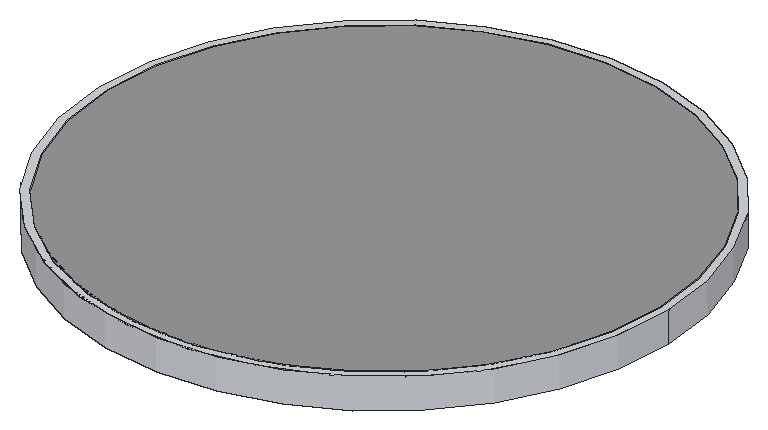
Revit family "2071285", category Lighting Fixtures, host Face, Revit 2018
Family settings
  Host = Face
  Round Connector Dimension = Use Diameter
  Part Type = Junction Box
  OmniClass Number = 23.80.70.00
  OmniClass Title = Lighting
  Cut with Voids When Loaded = No
  Light Source = Yes
  Shared = No
  Room Calculation Point = No
Parameters (values of type "2071285 COLOSSAL 1200 830 PR DIR WHT DALI")
  iner diameter = 1168 mm
  Weight = "n/a"
  Wattage Comments = ""
  Wattage = 30 W
  WarrantyStartDate [instance] = "n/a"
  WarrantyGuarantorParts = "n/a"
  WarrantyDurationUnit = "n/a"
  WarrantyDurationParts = ""
  WarrantyDescription = "http://www.sylvania-lighting.com"
  built-in parameter 1150110 = 1 (stored number, unit not read)
  Voltage = 230 V
  URL = "0.95"
  TypeName = "COLOSSAL 1200mm 830 PRISM DIR WHITE DALI"
  Type Image = <None>
  Type Comments = "n/a"
  built-in parameter 1114217 = 1 (stored number, unit not read)
  Tilt Angle = -90.00°
  built-in parameter 1150109 = 1 (stored number, unit not read)
  built-in parameter 1150134 = (empty or 0)
  built-in parameter 1150113 = 1 (stored number, unit not read)
  SerialNumber [instance] = "n/a"
  Photometric Web File = "2071285.ies"
  Material_3_SYL = LED-Sylvania
  PowerFactor = 0
  PowerConsumption = "Lighting"
  NominalLength = 1168 mm
  NominalHeight = 93 mm
  NominalDepth = 1168 mm
  Name = "COLOSSAL 1200mm 830 PRISM DIR WHITE DALI"
  ModelReference = Name  # "COLOSSAL 1200mm 830 PRISM DIR WHITE DALI"
  ModelNumber = "2071285"
  Model = Name  # "COLOSSAL 1200mm 830 PRISM DIR WHITE DALI"
  Material = "Feilo Sylvania"
  ManufacturerName = "134 lm/W"
  Manufacturer = ""
  LuminousEfficacy = ""
  built-in parameter 1150105 = 270.44 (stored number, unit not read)
  Lumens = 3398.4 lm
  LuminaireType = "0"
  built-in parameter 1150115 = 1 (stored number, unit not read)
  LightOutputRatio = "LED"
  built-in parameter 1150137 = (empty or 0)
  built-in parameter 1150139 = (empty or 0)
  LampsType = Lamp  # "n/a"
  LampNominalLuminous = "3000 K"
  LampMacAdamStep = "80"
  LampColourTemperature = "LED"
  LampColourRenderingIndex = "16500"
  built-in parameter 1150112 = 1 (stored number, unit not read)
  built-in parameter 1150114 = 1 (stored number, unit not read)
  Lamp = "n/a"
  Keynote = "n/a"
  InstallationDate [instance] = "n/a"
  InputVoltage = "0"
  InputNominalFrequency = "3000"
  built-in parameter 1150132 = (empty or 0)
  built-in parameter 1150102 = (empty or 0)
  built-in parameter 1150107 = 3000 (stored number, unit not read)
  built-in parameter 1150138 = (empty or 0)
  IngressProtection = "IfcLightFixtureType"
  ImpactProtectionIndex = "IfcLightFixtureType"
  built-in parameter 1150106 = 2.7044 (stored number, unit not read)
  IfcExportType = "IfcLightFixtureType"
  IfcExportAs = "Class I"
  Emit from Circle Diameter = 385 mm
  Emit Shape Visible in Rendering = no
  ElectricShockClassification = "134"
  built-in parameter 1150104 = 10.524 (stored number, unit not read)
  DocumentationLiterature = "http://www.sylvania-lighting.com/product/en-int/products/2071285"
  DimmingControlOptions = "n/a"
  Material_2_SYL = Polycarbonate_Sylvania_White
  Dimming Lamp Color Temperature Shift = <None>
  Description = "1200mm diameter circular architectural luminaire, can be surface mounted or suspended. Powder coated aluminium housing (RAL9016) with PMMA prismatic diffuser. Direct light distribution, 15735lm luminuous flux, 117.5W system power, 134lm/W luminiaire efficacy. DALI dimmable. Colour rendering index Ra >80, 3000K Warm White LED, chromaticity tolerance of 3-step MacAdam ellipse. IP40/IP20, IK03. 350mA drive current. UGR≤19. Electrical protection Class1, 220-240V. Reported lifetime 66k hours L90B10."
  Default Elevation = 1219.2 mm
  CreatedOn = "23/03/2022"
  CreatedBy = "@sylvania-lighting.com"
  Cost = 0
  Color Filter = 16777215
  built-in parameter 1114216 [instance] = (empty or 0)
  ClassificationValue = "EF_70_80"
  ClassificationName = "Uniclass2015"
  Material_1_SYL = Polycarbonate_Sylvania_Opal
  BarCode [instance] = "n/a"
  built-in parameter 1114218 = 1 (stored number, unit not read)
  built-in parameter 1150133 = 10 (stored number, unit not read)
  AssetType = "Fixed"
  AssetIdentifier [instance] = "n/a"
  Assembly Code = "D5020200"
  Apparent Load = 117.5 VA
  Material_4_SYL = none
Reference planes
  plane 1 "Center (Front/Back)": y = 0
  plane 2: z = 0
  plane 3 "Center (Left/Right)": x = 0
  plane 4: z = 1.161
  plane 5: z = 16.161
  plane 6: y = 584
  plane 7: y = -584
  plane 8: x = 85
  plane 9: x = -85
  plane 10: through (0, 0, 1219.2) normal (0.5, 0.866, 0)
  plane 11: through (42.5, 73.612, 1219.2) normal (0.5, 0.866, 0)
  plane 12: through (-42.5, -73.612, 1219.2) normal (0.5, 0.866, 0)
  plane 13: through (0, 0, 1219.2) normal (0.5, -0.866, 0)
  plane 14: through (-42.5, 73.612, 1219.2) normal (0.5, -0.866, 0)
  plane 15: through (42.5, -73.612, 1219.2) normal (0.5, -0.866, 0)
  plane 16: z = 93
  plane 17: y = 584
  plane 18: y = -584
  plane 19: y = -429
  plane 20: x = -584
  plane 21: x = 584
Forms (mm)
  Extrusion 1, solid, detail levels medium+fine
    sketch origin (0, 0, 0) x (0.866025, -0.5, 0) y (0.5, 0.866025, 0)
      loop
        circle (-50, 86.603) r 22
    from 0 to 2
  Extrusion 2, solid, detail levels medium+fine
    sketch origin (0, 0, 0) x (0.866025, -0.5, 0) y (0.5, 0.866025, 0)
      loop
        circle (100, 0) r 22
      loop
        circle (-50, -86.603) r 22
    from 0 to 2
  Extrusion 3, solid, detail levels medium+fine
    sketch origin (0, 0, 0) x (1, 0, 0) y (0, 1, 0)
      loop
        circle (0, 0) r 584
    from 30 to 93
  Extrusion 4, void
    sketch origin (0, 0, 0) x (1, 0, 0) y (0, 1, 0)
      loop
        circle (0, 0) r 568
    from 96.588 to 37.292
  Extrusion 5, solid, material "Glass, White, High Luminance", detail levels fine
    sketch origin (0, 0, 0) x (1, 0, 0) y (0, 1, 0)
      loop
        circle (0, 0) r 568
    from 88.022 to 93
  Extrusion 6, solid, detail levels coarse
    sketch origin (0, 0, 0) x (1, 0, 0) y (0, 1, 0)
      loop
        line (-584, 584) -> (-584, -584) -> (584, -584) -> (584, 584) -> (-584, 584)
    from 0 to 93
  Blend 7, solid, detail levels medium+fine
    base sketch origin (-10.814, 11.299, 29.922) x (1, 0, 0) y (0, 1, 0)
      loop
        line (-402.654, -330.622) -> (397.346, -330.622) -> (482.346, -183.398) -> (82.346, 509.423) -> (-87.654, 509.423) -> (-487.654, -183.398) -> (-402.654, -330.622)
    top sketch origin (-10.814, 11.299, 29.922) x (1, 0, 0) y (0, 1, 0)
      loop
        line (-363.391, -306.496) -> (364.632, -306.496) -> (449.632, -159.272) -> (87.132, 468.597) -> (-82.868, 468.597) -> (-445.368, -159.272) -> (-363.391, -306.496)
    from 0 to -30
Cuts and joins
  Extrusion 4 cuts Extrusion 1
  Extrusion 4 cuts Extrusion 2
  Extrusion 4 cuts Extrusion 3
Lines and regions (mm)
  model lines, detail levels medium+fine
    curve 1: circle (0, 0, 0) r 155 normal (0, 0, 1)
  reference lines
    curve 2: circle (0, 0, 0) r 489 normal (0, 0, 1)
    curve 3: circle (0, 0, 0) r 521 normal (0, 0, 1)
    curve 4: line (0, 0, 0) -> (606.218, -350, 0)
    curve 5: line (0, 0, 0) -> (0, 825, 0)
    curve 6: line (0, 0, 0) -> (-623.538, -360, 0)
    curve 7: line (639.013, -270.785, 0) -> (85, 49.075, 0)
    curve 8: line (563.718, -423.612, 0) -> (0, -98.15, 0)
    curve 9: line (85, 49.075, 0) -> (85, 825, 0)
    curve 10: line (-85, 49.075, 0) -> (-85, 825, 0)
    curve 11: line (-85, 49.075, 0) -> (-666.038, -286.388, 0)
    curve 12: line (-581.038, -433.612, 0) -> (0, -98.15, 0)
Dimensions and locks
  plane 4 to level = 1.161 mm
  locked: plane 5 to plane 4 at 15
  "NominalDepth": plane 6 to plane 7
  plane 6 to plane 1 "Center (Front/Back)" to plane 7 = 584 mm, 584 mm
  "NominalHeight": level to plane 16
  equal spacing: plane 17, plane 1 "Center (Front/Back)", plane 18
  "NominalLength": plane 20 to plane 21
  equal spacing: plane 20, plane 3 "Center (Left/Right)", plane 21
  aligned and locked: plane 2 to host face
  aligned and locked: level to host face
  aligned and locked: plane 6 to Extrusion 6
Automatic sketch dimensions
  host sketch curve to host sketch curve = 2438.4 mm  (x2)
  Extrusion 1 sketch curve to plane 3 "Center (Left/Right)" = 0 mm
  Extrusion 1 sketch curve to plane 1 "Center (Front/Back)" = 100 mm
  plane 1 "Center (Front/Back)" to Extrusion 2 sketch curve = 50 mm
  Extrusion 2 sketch curve to plane 3 "Center (Left/Right)" = 86.603 mm
  Extrusion 2 sketch curve to Extrusion 2 sketch curve = 150 mm
  Extrusion 2 sketch curve to Extrusion 2 sketch curve = 86.603 mm
  plane 1 "Center (Front/Back)" to curve 1 = 0 mm
  curve 1 to plane 3 "Center (Left/Right)" = 0 mm
  plane 1 "Center (Front/Back)" to Extrusion 3 sketch curve = 0 mm
  Extrusion 3 sketch curve to plane 3 "Center (Left/Right)" = 0 mm
  plane 1 "Center (Front/Back)" to Extrusion 4 sketch curve = 0 mm
  Extrusion 4 sketch curve to plane 3 "Center (Left/Right)" = 0 mm
  plane 1 "Center (Front/Back)" to Extrusion 5 sketch curve = 0 mm
  Extrusion 5 sketch curve to plane 3 "Center (Left/Right)" = 0 mm
  curve 2 to curve 3 = 0 mm  (x2)
  curve 11 to plane 14 = 0 mm
  curve 6 to plane 13 = 0 mm
  curve 12 to plane 15 = 0 mm
  curve 10 to plane 9 = 0 mm
  curve 12 to plane 3 "Center (Left/Right)" = 0 mm
  plane 1 "Center (Front/Back)" to curve 3 = 0 mm
  curve 3 to plane 3 "Center (Left/Right)" = 0 mm
  curve 7 to plane 8 = 0 mm
  curve 11 to plane 10 = 0 mm
  curve 12 to plane 19 = 4.612 mm
  plane 19 to curve 6 = 69 mm
  plane 19 to curve 11 = 142.612 mm
  plane 19 to curve 8 = 5.388 mm
  plane 19 to curve 4 = 79 mm
  plane 19 to curve 7 = 158.215 mm
  plane 6 to curve 5 = 241 mm
  curve 10 to curve 5 = 0 mm
  curve 5 to curve 9 = 0 mm
  plane 1 "Center (Front/Back)" to curve 6 = 0 mm
  curve 6 to plane 3 "Center (Left/Right)" = 0 mm
  Extrusion 6 sketch curve to plane 7 = 0 mm
  Extrusion 6 sketch curve to plane 6 = 0 mm
  Blend 7 sketch curve to plane 6 = 756.098 mm  (x2)
  Blend 7 sketch curve to Blend 7 sketch curve = 85 mm
  plane 3 "Center (Left/Right)" to Blend 7 sketch curve = 386.532 mm
  plane 8 to Blend 7 sketch curve = 386.532 mm
  Blend 7 sketch curve to plane 6 = 63.278 mm
  Blend 7 sketch curve to plane 6 = 731.972 mm  (x2)
  Blend 7 sketch curve to Blend 7 sketch curve = 81.977 mm
  plane 3 "Center (Left/Right)" to Blend 7 sketch curve = 353.818 mm
  plane 8 to Blend 7 sketch curve = 353.818 mm
  Blend 7 sketch curve to plane 6 = 104.104 mm
  plane 12 to curve 8 = 0 mm
  plane 19 to Blend 7 sketch curve = 109.677 mm
  plane 19 to Blend 7 sketch curve = 133.803 mm
  plane 8 to Extrusion 6 sketch curve = 499 mm
  Extrusion 6 sketch curve to plane 9 = 499 mm
  Blend 7 sketch curve to plane 8 = 13.468 mm
  Blend 7 sketch curve to plane 9 = 13.468 mm
  Blend 7 sketch curve to plane 9 = 328.468 mm
  Blend 7 sketch curve to plane 8 = 8.682 mm
  Blend 7 sketch curve to plane 9 = 8.682 mm
  Blend 7 sketch curve to plane 9 = 289.205 mm
  plane 10 to curve 4 = 0 mm
  plane 11 to curve 7 = 0 mm
  curve 12 to plane 12 = 0 mm
  curve 9 to plane 11 = 0 mm
  radius of Extrusion 1 sketch curve = 22 mm
  radius of Extrusion 2 sketch curve = 22 mm  (x2)
  radius of curve 1 = 155 mm
  radius of Extrusion 3 sketch curve = 584 mm
  radius of Extrusion 4 sketch curve = 568 mm
  radius of Extrusion 5 sketch curve = 568 mm
  radius of curve 2 = 489 mm
  radius of curve 3 = 521 mm
Connectors
  electrical at (0, 0, 30)
    settings: on cut or joined group of Extrusion 3, Extrusion 4, index 1, voltage 0 V, apparent load 0 VA, apparent load phase1 0 VA, apparent load phase2 0 VA, apparent load phase3 0 VA, power factor 1, load classification "Other", number of poles 1, system type 31, power factor state 1, is connector primary yes, connector utility no, sub classification motor no, connector description ""
